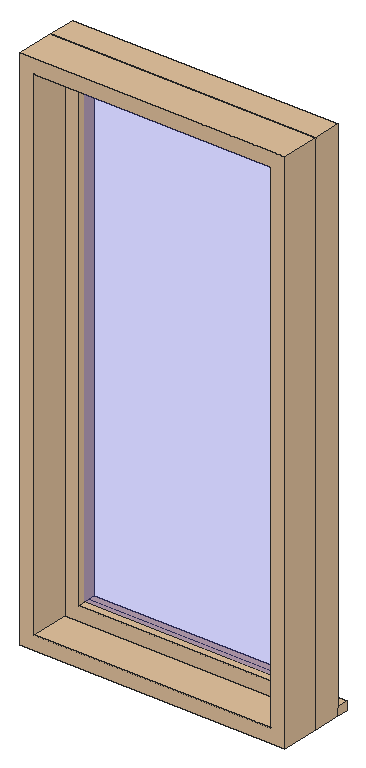
Revit family "8201861bcd634f6b86c5b8f9276419b3", category Windows, host Wall, Revit 2021
Family settings
  Host = Wall
  OmniClass Number = 23.30.20.17.11
  OmniClass Title = Fixed Windows
  Seek Item ID = Instance - Fixed-0000-USA-ENU
  Always vertical = Yes
  Cut with Voids When Loaded = No
  Shared = No
  Room Calculation Point = No
Parameters (values of type "24" x 48"")
  Visual Light Transmittance = 0.9
  Thermal Resistance (R) = 0.8466 (h·ft²·°F)/BTU
  Solar Heat Gain Coefficient = 0.86
  Define Thermal Properties by = Schematic Type
  Construction Type Id = "GSP4R"
  Heat Transfer Coefficient (U) = 1.1812 BTU/(h·ft²·°F)
  Assembly Code = "B2020100"
  Glass Pane Material = Glass
  Height [instance] = 4' - 0"
  Sash Material = Sash
  Default Sill Height = 3' - 0"
  Wall Closure = By host
  Width [instance] = 2' - 0"
  Window Inset = 0' - 0 3/4"
  Analytic Construction = "1/8 in Pilkington single glazing"
Types (4): name | Visual Light Transmittance | Thermal Resistance (R) | Solar Heat Gain Coefficient | Construction Type Id | Heat Transfer Coefficient (U) | Height | Default Sill Height | Width | Analytic Construction
  (no name) | 0.9 | 0.8466 (h·ft²·°F)/BTU | 0.86 | "GSP4R" | 1.1812 BTU/(h·ft²·°F) | 4' - 0" | 3' - 0" | 2' - 0" | "1/8 in Pilkington single glazing"
  24" x 48" | 0.9 | 0.8466 (h·ft²·°F)/BTU | 0.86 | "GSP4R" | 1.1812 BTU/(h·ft²·°F) | 4' - 0" | 3' - 0" | 2' - 0" | "1/8 in Pilkington single glazing"
  16" x 24" | 0 | 0.0000 (h·ft²·°F)/BTU | 0 | "MDOOR" | 0.651978 BTU/(h·ft²·°F) | 2' - 0" | 3' - 0" | 1' - 4" | "Metal"
  36" x 72" | 0 | 0.0000 (h·ft²·°F)/BTU | 0 | "MDOOR" | 0.651978 BTU/(h·ft²·°F) | 6' - 0" | 1' - 0" | 3' - 0" | "Metal"
Reference planes (in)
  plane 1: y = 0
  plane 2: z = 0
  plane 3 "Center": x = -1.5
  plane 4 "Left": x = -13.5
  plane 5 "Right": x = 10.5
  plane 6 "Sill": z = 36
  plane 7 "Top": z = 84
  plane 8: y = 3
  plane 9: y = -3
  plane 10: y = 2.25
  plane 11 "Closure": y = 1.125
Forms (in)
  Extrusion 1, solid, material "Sash" <- "Sash Material"
    sketch origin (0, 0, 0) x (1, 0, 0) y (0, 0, 1)
      loop
        line (-13.5, 84) -> (-13.5, 36) -> (10.5, 36) -> (10.5, 84) -> (-13.5, 84)
      loop
        line (-12.75, 83.25) -> (-12.75, 36.75) -> (9.75, 36.75) -> (9.75, 83.25) -> (-12.75, 83.25)
    from -3 to -0.5
  Extrusion 2, solid, material "Sash" <- "Sash Material"
    sketch origin (0, 0, 0) x (-1, 0, 0) y (0, 0, 1)
      loop
        line (-10.5, 84) -> (-10.5, 36) -> (13.5, 36) -> (13.5, 84) -> (-10.5, 84)
      loop
        line (-9.25, 82.75) -> (-9.25, 37.25) -> (12.25, 37.25) -> (12.25, 82.75) -> (-9.25, 82.75)
    from 0.5 to -3
  Extrusion 3, solid, material "Sash" <- "Sash Material"
    sketch origin (0, 0, 0) x (-1, 0, 0) y (0, 0, 1)
      loop
        line (-9.75, 83.25) -> (-9.75, 36.75) -> (12.75, 36.75) -> (12.75, 83.25) -> (-9.75, 83.25)
      loop
        line (-8, 81.5) -> (-8, 38.5) -> (11, 38.5) -> (11, 81.5) -> (-8, 81.5)
    from 0.5 to 2.25
  Extrusion 4, solid, material "Glass" <- "Glass Pane Material"
    sketch origin (-4.9201, 0, -4.60771) x (1, 0, 0) y (0, 0, 1)
      loop
        line (-6.0799, 86.10771) -> (-6.0799, 43.10771) -> (12.9201, 43.10771) -> (12.9201, 86.10771) -> (-6.0799, 86.10771)
    from -1.625 to -1.125
  Extrusion 5, solid, material "Sash" <- "Sash Material"
    sketch origin (0, 0, 0) x (-1, 0, 0) y (0, 0, 1)
      loop
        line (-10.5, 36.75) -> (-10.5, 36) -> (13.5, 36) -> (13.5, 36.75) -> (-10.5, 36.75)
    from 3 to 4
Lines and regions (in)
  Opening 1
    outline origin (-60, -3, 0) x (1, 0, 0) y (0, 0, 1)
      loop
        line (46.5, 84) -> (46.5, 36) -> (70.5, 36) -> (70.5, 84) -> (46.5, 84)
  symbolic lines, style "WindowsFrameMullionProjection"
    curve 1: line (-13.5, 3, 0) -> (-12.75, 3, 0)
    curve 2: line (-12.75, 0.5, 0) -> (-12.75, 3, 0)
    curve 3: line (-12.75, 0.5, 0) -> (-12.25, 0.5, 0)
    curve 4: line (-12.25, -3, 0) -> (-12.25, 0.5, 0)
    curve 5: line (10.5, 3, 0) -> (9.75, 3, 0)
    curve 6: line (9.25, 0.5, 0) -> (9.25, -3, 0)
    curve 7: line (9.25, 0.5, 0) -> (9.75, 0.5, 0)
    curve 8: line (9.75, 0.5, 0) -> (9.75, 3, 0)
    curve 9: line (-12.75, 2.25, 0) -> (-11, 2.25, 0)
    curve 10: line (-12.75, 2.25, 0) -> (-12.75, 0.5, 0)
    curve 11: line (-12.75, 0.5, 0) -> (-11, 0.5, 0)
    curve 12: line (-11, 2.25, 0) -> (-11, 0.5, 0)
    curve 13: line (9.75, 2.25, 0) -> (8, 2.25, 0)
    curve 14: line (9.75, 2.25, 0) -> (9.75, 0.5, 0)
    curve 15: line (9.75, 0.5, 0) -> (8, 0.5, 0)
    curve 16: line (8, 2.25, 0) -> (8, 0.5, 0)
    curve 18: line (-12.25, -3, 0) -> (-13.5, -3, 0)
    curve 19: line (9.25, -3, 0) -> (10.5, -3, 0)
  symbolic lines, style "WindowsGlassProjection"
    curve 17: line (-11, 1.375, 0) -> (8, 1.375, 0)
Text (in)
  text "EXTERIOR" at (-43.10265, 45.65523, 0), in view "Floor Line"
  text "INTERIOR" at (-45.40892, -34.49377, 0), in view "Floor Line"
  text "Exterior" at (0, 58.51958, 97.78696), in view "Left"
  text "Exterior" at (0, 18.29385, 111.46771), in view "Right"
Dimensions and locks (in)
  equal spacing: plane 4 "Left", plane 3 "Center", plane 5 "Right"
  "Width": plane 4 "Left" to plane 5 "Right"
  "Default Sill Height": plane 2 to plane 6 "Sill"
  "Window Inset": plane 8 to plane 10
  locked: plane 10 to Extrusion 3 at 1.75
  locked: plane 10 to Extrusion 4 at 0.625
  locked: Extrusion 4 to Extrusion 4 at 0.5
  locked: Extrusion 5 sketch curve to Extrusion 1 at 0.75
  "Height": plane 6 "Sill" to plane 7 "Top"
  locked: Extrusion 5 to Extrusion 1 at 1
  locked: plane 11 "Closure" to plane 10 at 1.125
  aligned and locked: plane 7 "Top" to Opening 1 sketch curve
  aligned and locked: plane 6 "Sill" to Opening 1 sketch curve  (x2)
  aligned and locked: plane 5 "Right" to Opening 1 sketch curve
  aligned and locked: plane 4 "Left" to Opening 1 sketch curve
  aligned and locked: plane 9 to host wall
  aligned and locked: host wall to Extrusion 2
  aligned and locked: plane 10 to Extrusion 3
  aligned and locked: plane 8 to host wall
  aligned and locked: host wall to Extrusion 1
  aligned and locked: Extrusion 2 to Extrusion 1
  aligned and locked: Extrusion 1 to Extrusion 3
  aligned and locked: Extrusion 4 sketch curve to Extrusion 3  (x4)
  aligned and locked: curve 5 to Extrusion 1  (x2)
  aligned and locked: curve 6 to Extrusion 2
  aligned and locked: curve 4 to Extrusion 2
  aligned and locked: curve 16 to Extrusion 3
  aligned and locked: Extrusion 1 to curve 11
  aligned and locked: Extrusion 1 to curve 7
  aligned and locked: Extrusion 5 to host wall
Automatic sketch dimensions
  Extrusion 1 sketch curve to plane 4 "Left" = 0' - 0"
  Extrusion 1 sketch curve to plane 5 "Right" = 0' - 0"
  Extrusion 1 sketch curve to plane 4 "Left" = 0' - 0 3/4"
  plane 5 "Right" to Extrusion 1 sketch curve = 0' - 0 3/4"
  Extrusion 1 sketch curve to plane 6 "Sill" = 0' - 0"
  Extrusion 1 sketch curve to plane 7 "Top" = 0' - 0"
  Extrusion 1 sketch curve to plane 6 "Sill" = 0' - 0 3/4"
  plane 7 "Top" to Extrusion 1 sketch curve = 0' - 0 3/4"
  Extrusion 2 sketch curve to plane 5 "Right" = 0' - 0"
  Extrusion 2 sketch curve to plane 4 "Left" = 0' - 0"
  plane 5 "Right" to Extrusion 2 sketch curve = 0' - 1 1/4"
  Extrusion 2 sketch curve to plane 4 "Left" = 0' - 1 1/4"
  Extrusion 2 sketch curve to plane 6 "Sill" = 0' - 0"
  Extrusion 2 sketch curve to plane 7 "Top" = 0' - 0"
  Extrusion 2 sketch curve to plane 6 "Sill" = 0' - 1 1/4"
  plane 7 "Top" to Extrusion 2 sketch curve = 0' - 1 1/4"
  plane 5 "Right" to Extrusion 3 sketch curve = 0' - 0 3/4"
  plane 5 "Right" to Extrusion 3 sketch curve = 0' - 2 1/2"
  Extrusion 3 sketch curve to plane 4 "Left" = 0' - 2 1/2"
  Extrusion 3 sketch curve to plane 4 "Left" = 0' - 0 3/4"
  Extrusion 3 sketch curve to plane 6 "Sill" = 0' - 0 3/4"
  Extrusion 3 sketch curve to plane 6 "Sill" = 0' - 2 1/2"
  plane 7 "Top" to Extrusion 3 sketch curve = 0' - 2 1/2"
  plane 7 "Top" to Extrusion 3 sketch curve = 0' - 0 3/4"
  curve 18 to plane 4 "Left" = 0' - 0"
  curve 1 to plane 4 "Left" = 0' - 0"
  curve 2 to plane 8 = 0' - 0"
  curve 10 to plane 10 = 0' - 0"
  curve 13 to plane 10 = 0' - 0"
  curve 19 to plane 5 "Right" = 0' - 0"
  curve 1 to curve 2 = 0' - 0 3/4"
  curve 9 to curve 12 = 0' - 1 3/4"
  plane 5 "Right" to curve 13 = 0' - 0 3/4"
  curve 19 to plane 9 = 0' - 0"
  curve 4 to plane 9 = 0' - 0"
  curve 11 to curve 17 = 0' - 0 7/8"
  Extrusion 5 sketch curve to plane 5 "Right" = 0' - 0"
  Extrusion 5 sketch curve to plane 4 "Left" = 0' - 0"
  Extrusion 5 sketch curve to plane 6 "Sill" = 0' - 0 3/4"
